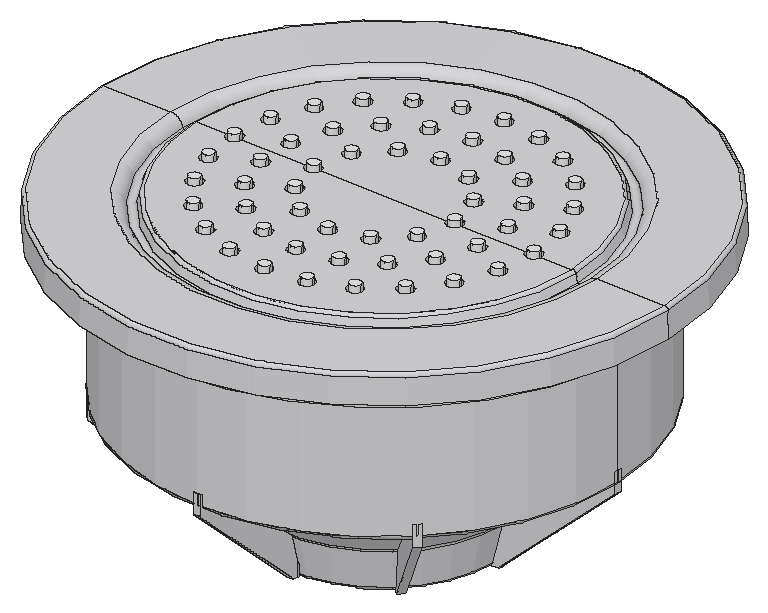
Revit family "Shower-Bodyspray-KOHLER-WATERTILE-K-8014T_1", category Plumbing Fixtures, host Face, Revit 2017
Family settings
  Host = Face
  Round Connector Dimension = Use Diameter
  Part Type = Normal
  OmniClass Number = 23.31.17.00
  OmniClass Title = Showers
  Cut with Voids When Loaded = No
  Shared = No
  Room Calculation Point = No
Parameters (values of type "CP-Polished Chrome")
  Width = 4 7/8"  # constant formula
  WaterSense Certified = 1 = 0  # no
  Waste Water Outlet = "Waste Water Outlet"  # constant formula
  Waste Connection = 1 = 0  # no
  Vent Connection = 1 = 0  # no
  URL = "http://www.kohler.com.cn/en/"
  Product Page URL = "http://www.kohler.com.cn/product/K-8014T-CP/K-8014T-CP/"
  Product Name = "WATERTILE"  # constant formula
  Product Documentation Link = "https://files.kohler.com.cn/pdfs/k_8013_8014.pdf"
  Pressure = 80.00 psi  # constant formula
  Panel Thickness = 1/4"  # constant formula
  Model = "K-8014T-CP"  # constant formula
  Material = "Solid Brass Construction"  # constant formula
  Master Format 2014 Name = "Residential Showers"  # constant formula
  Master Format 2014 = "22 42 23"  # constant formula
  Manufacturer Address = "158 Jiangchang 3rd Road Zhabei District Shanghai, 200436 China"  # constant formula
  Manufacturer = "KOHLER Co."  # constant formula
  Length = 4 7/8"  # constant formula
  Hot Water Inlet = "Tempered Water Inlet"  # constant formula
  Height = 2 1/2"  # constant formula
  HW Connection = 1 = 1  # yes
  Flow Rate = 2 GPM  # constant formula
  Finish = Kohler-Metal-CP-Polished_Chrome
  Environmental Product Declaration = ""
  Drain Included = 1 = 0  # no
  Description = "Round Water Cube 54 Hole Shower/Sprinkler"  # constant formula
  Default Elevation = 42"
  Declare Label = ""
  Date Modified = "07/02/2020"  # constant formula
  Date Created = "07/02/2020"  # constant formula
  Copyright = "Copyright KOHLER Co."  # constant formula
  Contact Us = "http://www.kohler.com.cn/en/contact/contact-us/"
  Cold Water Inlet = "Cold Water Inlet"  # constant formula
  CW Connection = 1 = 0  # no
  Assembly Code = "D2010700"
  ADA Compliant = 1 = 0  # no
Reference planes (in)
  plane 1 "Center (Front/Back)": y = 0
  plane 2: z = 0
  plane 3 "Center (Left/Right)": x = 0
  plane 4: x = -2.4375
  plane 5: x = 2.4375
  plane 6: y = 2.4375
  plane 7: y = -2.4375
  plane 8: z = 0.25
  plane 9: z = 0
  plane 10: x = -2
  plane 11: x = 2
  plane 12: y = 2
  plane 13: y = -2
  plane 14: z = -1.27598
  plane 15: z = -0.08698
  plane 16: z = 0.28783
  plane 17: x = 1.00342
  plane 18: x = -1.00342
  plane 19: z = -2.25
Forms (in)
  Extrusion 1, void
    sketch origin (0, 0, 0) x (1, 0, 0) y (0, 1, 0)
      loop
        circle (0, 0) r 2.30976
    from -2.25 to 0.91384
Dimensions and locks (in)
  "Width": plane 4 to plane 5
  "Length": plane 7 to plane 6
  locked: plane 12 to plane 13 at 4
  "Panel Thickness": plane 8 to plane 9
  plane 9 to level = 0"
  "Height": plane 8 to plane 19
  aligned and locked: plane 2 to host face
  aligned and locked: level to host face
Automatic sketch dimensions
  host sketch curve to host sketch curve = 96"  (x2)
  plane 1 "Center (Front/Back)" to Extrusion 1 sketch curve = 0"
  Extrusion 1 sketch curve to plane 3 "Center (Left/Right)" = 0"
  radius of Extrusion 1 sketch curve = 2.30976"
Nested families (in)
  nested 1: "K-8014T" at (0, 0, -2.25), type "K-8014T"
Connectors (in)
  piping at (0, 0, -2.25), diameter 0.5, driven by "Pressure", driven by "HW Connection", driven by "Hot Water Inlet", driven by "Flow Rate"
    settings: on nested 1, index 1, connector inside diameter 24", connector length 0", flow factor 0, pipe flow 2 GPM, pressure drop 80.00 psi, fitting loss kfactor 0, connector angle 0.00°, fixture units 0, engagement length 0", angle of deflection 0.00°, flow configuration 1, flow direction 1, fitting loss method 4, system type 19, joint type 0, gender type 0, connector reference index -1, connector utility 1, adjustable connector no, is connector primary yes, connector description "Tempered Water Inlet"
Definition of nested family "K-8014T"
  Parameters (values of type "K-8014T")
    Bodyspray Material = none
  Reference planes (in)
    plane 1 "Center (Front/Back)": y = 0
    plane 2: z = 0
    plane 3 "Center (Left/Right)": x = 0
    plane 4: z = 2.5
    plane 5: x = 2.4375
    plane 6: x = -2.4375
    plane 7: y = -2.4375
    plane 8: y = 2.4375
    plane 9: z = 2.25
    plane 10: x = -2
    plane 11: x = 2
    plane 12: y = 2
    plane 13: y = -2
  Forms (in)
    Revolve 1, solid, material <- "Bodyspray Material", detail levels medium+fine
      sketch origin (0, 0, 0) x (1, 0, 0) y (0, 0, 1)
        loop
          line (0, 2.49291) -> (0, 0.04586) -> (0.30181, 0.04586) -> (0.30181, 0) -> (0.92431, 0)
          arc (0.92431, 0) -> (0.93906, 0.00501) -> (0.94771, 0.01796) r 0.02423
          line (0.94771, 0.01796) -> (1.03348, 0.33803)
          arc (1.03348, 0.33803) -> (1.04139, 0.35531) -> (1.05455, 0.36902) r 0.05693
          arc (1.05455, 0.36902) -> (1.33961, 0.63496) -> (1.55821, 0.95776) r 1.7377
          arc (1.55821, 0.95776) -> (1.56937, 0.96962) -> (1.58506, 0.974) r 0.03031
          line (1.58506, 0.974) -> (1.97656, 0.974)
          arc (1.97656, 0.974) -> (1.99314, 0.98086) -> (2, 0.99744) r 0.02344
          line (2, 0.99744) -> (2, 2.16302) -> (2.30976, 2.16302) -> (2.30976, 2.25) -> (2.43901, 2.25) -> (2.43161, 2.46202)
          arc (2.43161, 2.46202) -> (2.42291, 2.48227) -> (2.40281, 2.49133) r 0.03041
          arc (2.40281, 2.49133) -> (2.11645, 2.5) -> (1.83, 2.49605) r 6.49968
          arc (1.83, 2.49605) -> (1.76556, 2.47062) -> (1.73144, 2.41032) r 0.10386
          arc (1.73144, 2.41032) -> (1.69843, 2.38042) -> (1.66127, 2.40498) r 0.03633
          line (1.66127, 2.40498) -> (1.6387, 2.47153)
          arc (1.6387, 2.47153) -> (1.62722, 2.48702) -> (1.60887, 2.49291) r 0.0315
          line (1.60887, 2.49291) -> (0, 2.49291)
        axis (0, 2.49605) -> (0, 0)
      angle from 0 to 360
    Extrusion 2, solid, material <- "Bodyspray Material", detail levels medium+fine
      sketch origin (0, 0, 0) x (1, 0, 0) y (0, 1, 0)
        loop
          arc (-0.03, 0.9537) -> (0, 0.9237) -> (0.03, 0.9537) r 0.03
          line (0.03, 0.9537) -> (0.03, 1.99977)
          arc (0.03, 1.99977) -> (0, 2) -> (-0.03, 1.99977) r 2
          line (-0.03, 1.99977) -> (-0.03, 0.9537)
        loop
          arc (0.66272, 0.70515) -> (0.66272, 0.66272) -> (0.70515, 0.66272) r 0.03
          line (0.70515, 0.66272) -> (1.43527, 1.39284)
          arc (1.43527, 1.39284) -> (1.41421, 1.41421) -> (1.39284, 1.43527) r 2
          line (1.39284, 1.43527) -> (0.66272, 0.70515)
        loop
          arc (0.94816, 0.03) -> (0.91816, 0) -> (0.94816, -0.03) r 0.03
          line (0.94816, -0.03) -> (1.99977, -0.03)
          arc (1.99977, -0.03) -> (2, 0) -> (1.99977, 0.03) r 2
          line (1.99977, 0.03) -> (0.94816, 0.03)
        loop
          line (0.65862, -0.70104) -> (1.39284, -1.43527)
          arc (1.39284, -1.43527) -> (1.41421, -1.41421) -> (1.43527, -1.39284) r 2
          line (1.43527, -1.39284) -> (0.70104, -0.65862)
          arc (0.70104, -0.65862) -> (0.65862, -0.65862) -> (0.65862, -0.70104) r 0.03
        loop
          line (-0.03, -0.96348) -> (-0.03, -1.99977)
          arc (-0.03, -1.99977) -> (0, -2) -> (0.03, -1.99977) r 2
          line (0.03, -1.99977) -> (0.03, -0.96348)
          arc (0.03, -0.96348) -> (0, -0.93348) -> (-0.03, -0.96348) r 0.03
        loop
          line (-0.70453, -0.6621) -> (-1.43527, -1.39284)
          arc (-1.43527, -1.39284) -> (-1.41421, -1.41421) -> (-1.39284, -1.43527) r 2
          line (-1.39284, -1.43527) -> (-0.6621, -0.70453)
          arc (-0.6621, -0.70453) -> (-0.6621, -0.6621) -> (-0.70453, -0.6621) r 0.03
        loop
          line (-0.974, 0.03) -> (-1.99977, 0.03)
          arc (-1.99977, 0.03) -> (-2, 0) -> (-1.99977, -0.03) r 2
          line (-1.99977, -0.03) -> (-0.974, -0.03)
          arc (-0.974, -0.03) -> (-0.944, 0) -> (-0.974, 0.03) r 0.03
        loop
          line (-0.66911, 0.71154) -> (-1.39284, 1.43527)
          arc (-1.39284, 1.43527) -> (-1.41421, 1.41421) -> (-1.43527, 1.39284) r 2
          line (-1.43527, 1.39284) -> (-0.71154, 0.66911)
          arc (-0.71154, 0.66911) -> (-0.66911, 0.66911) -> (-0.66911, 0.71154) r 0.03
      from 0 to 1.08814
    Revolve 3, void
      sketch origin (0, 0, 0) x (1, 0, 0) y (0, 0, 1)
        loop
          line (0, 0) -> (0, -0.3466) -> (2.13331, -0.3466) -> (2.13331, 1.25261) -> (2, 1.25261) -> (2, 0.91082) -> (1.004, 0) -> (0, 0)
        axis (0, 1.25261) -> (0, -0.3466)
      angle from 0 to 360
    Extrusion 4, void
      sketch origin (0, 0, 0) x (1, 0, 0) y (0, 1, 0)
        loop
          circle (-0.33222, 1.24115) r 0.06641
        loop
          circle (-0.64248, 1.11285) r 0.06641
        loop
          circle (-0.90992, 0.90938) r 0.06641
        loop
          circle (-0.32344, 0.888) r 0.06641
        loop
          circle (-0.6077, 0.72367) r 0.06641
        loop
          circle (-0.3022, 0.5249) r 0.06641
        loop
          circle (-0.52413, 0.30203) r 0.06641
        loop
          circle (-0.8181, 0.47282) r 0.06641
        loop
          circle (-1.11309, 0.64194) r 0.06641
        loop
          circle (-1.24048, 0.33191) r 0.06641
        loop
          circle (-0.93002, 0.1637) r 0.06641
        loop
          circle (0.00005, 1.28475) r 0.06641
        loop
          circle (0.00017, 0.9453) r 0.06641
        loop
          circle (-0.00069, 0.6046) r 0.06641
        loop
          circle (-1.28494, -0.00016) r 0.06745
        loop
          circle (-0.60475, -0.00007) r 0.06641
        loop
          circle (0.33222, 1.24115) r 0.06641
        loop
          circle (0.64248, 1.11285) r 0.06641
        loop
          circle (0.90992, 0.90938) r 0.06641
        loop
          circle (0.32344, 0.888) r 0.06641
        loop
          circle (0.6077, 0.72367) r 0.06641
        loop
          circle (0.3022, 0.5249) r 0.06641
        loop
          circle (0.52413, 0.30203) r 0.06641
        loop
          circle (0.8181, 0.47282) r 0.06641
        loop
          circle (1.11309, 0.64194) r 0.06641
        loop
          circle (1.24048, 0.33191) r 0.06641
        loop
          circle (0.93002, 0.1637) r 0.06641
        loop
          circle (-0.33222, -1.24115) r 0.06641
        loop
          circle (-0.64248, -1.11285) r 0.06641
        loop
          circle (-0.90992, -0.90938) r 0.06641
        loop
          circle (-0.32344, -0.888) r 0.06641
        loop
          circle (-0.6077, -0.72367) r 0.06641
        loop
          circle (-0.3022, -0.5249) r 0.06641
        loop
          circle (-0.52413, -0.30203) r 0.06641
        loop
          circle (-0.8181, -0.47282) r 0.06641
        loop
          circle (-1.11309, -0.64194) r 0.06641
        loop
          circle (-1.24048, -0.33191) r 0.06641
        loop
          circle (-0.93002, -0.1637) r 0.06641
        loop
          circle (0.00005, -1.28475) r 0.06641
        loop
          circle (0.00017, -0.9453) r 0.06641
        loop
          circle (-0.00069, -0.6046) r 0.06641
        loop
          circle (0.33222, -1.24115) r 0.06641
        loop
          circle (0.64248, -1.11285) r 0.06641
        loop
          circle (0.90992, -0.90938) r 0.06641
        loop
          circle (0.32344, -0.888) r 0.06641
        loop
          circle (0.6077, -0.72367) r 0.06641
        loop
          circle (0.3022, -0.5249) r 0.06641
        loop
          circle (0.52413, -0.30203) r 0.06641
        loop
          circle (0.8181, -0.47282) r 0.06641
        loop
          circle (1.11309, -0.64194) r 0.06641
        loop
          circle (1.24048, -0.33191) r 0.06641
        loop
          circle (0.93002, -0.1637) r 0.06641
        loop
          circle (1.28494, -0.00016) r 0.06745
        loop
          circle (0.60475, -0.00007) r 0.06641
      from 1.98721 to 2.74277
    Extrusion 5, solid, detail levels medium+fine
      sketch origin (0, 0, 0) x (1, 0, 0) y (0, 1, 0)
        loop
          circle (-0.33222, 1.24115) r 0.04688
        loop
          circle (-0.32344, 0.888) r 0.04688
        loop
          circle (-0.3022, 0.5249) r 0.04688
        loop
          circle (-0.52413, 0.30203) r 0.04688
        loop
          circle (-0.8181, 0.47282) r 0.04688
        loop
          circle (-1.11309, 0.64194) r 0.04688
        loop
          circle (-1.24048, 0.33191) r 0.04636
        loop
          circle (-0.93002, 0.1637) r 0.04688
        loop
          circle (-0.60475, -0.00007) r 0.04854
        loop
          circle (-1.28494, -0.00016) r 0.04688
        loop
          circle (-0.6077, 0.72367) r 0.04688
        loop
          circle (-0.90992, 0.90938) r 0.04688
        loop
          circle (-0.64248, 1.11285) r 0.04688
        loop
          circle (0.00005, 1.28475) r 0.04673
        loop
          circle (0.00017, 0.9453) r 0.04629
        loop
          circle (-0.00069, 0.6046) r 0.0452
        loop
          circle (0.33222, 1.24115) r 0.04688
        loop
          circle (0.32344, 0.888) r 0.04688
        loop
          circle (0.3022, 0.5249) r 0.04688
        loop
          circle (0.52413, 0.30203) r 0.04688
        loop
          circle (0.8181, 0.47282) r 0.04688
        loop
          circle (1.11309, 0.64194) r 0.04688
        loop
          circle (1.24048, 0.33191) r 0.04636
        loop
          circle (0.93002, 0.1637) r 0.04688
        loop
          circle (0.6077, 0.72367) r 0.04688
        loop
          circle (0.90992, 0.90938) r 0.04688
        loop
          circle (0.64248, 1.11285) r 0.04688
        loop
          circle (-0.33222, -1.24115) r 0.04688
        loop
          circle (-0.32344, -0.888) r 0.04688
        loop
          circle (-0.3022, -0.5249) r 0.04688
        loop
          circle (-0.52413, -0.30203) r 0.04688
        loop
          circle (-0.8181, -0.47282) r 0.04688
        loop
          circle (-1.11309, -0.64194) r 0.04688
        loop
          circle (-1.24048, -0.33191) r 0.04636
        loop
          circle (-0.93002, -0.1637) r 0.04688
        loop
          circle (-0.6077, -0.72367) r 0.04688
        loop
          circle (-0.90992, -0.90938) r 0.04688
        loop
          circle (-0.64248, -1.11285) r 0.04688
        loop
          circle (0.00005, -1.28475) r 0.04673
        loop
          circle (0.00017, -0.9453) r 0.04629
        loop
          circle (-0.00069, -0.6046) r 0.0452
        loop
          circle (0.33222, -1.24115) r 0.04688
        loop
          circle (0.32344, -0.888) r 0.04688
        loop
          circle (0.3022, -0.5249) r 0.04688
        loop
          circle (0.52413, -0.30203) r 0.04688
        loop
          circle (0.8181, -0.47282) r 0.04688
        loop
          circle (1.11309, -0.64194) r 0.04688
        loop
          circle (1.24048, -0.33191) r 0.04636
        loop
          circle (0.93002, -0.1637) r 0.04688
        loop
          circle (0.6077, -0.72367) r 0.04688
        loop
          circle (0.90992, -0.90938) r 0.04688
        loop
          circle (0.64248, -1.11285) r 0.04688
        loop
          circle (0.60475, -0.00007) r 0.04854
        loop
          circle (1.28494, -0.00016) r 0.04688
      from 1.62507 to 2.53783
    Revolve 6, solid, material <- "Bodyspray Material", detail levels coarse
      sketch origin (0, 0, 0) x (1, 0, 0) y (0, 0, 1)
        loop
          line (0, 2.5) -> (0, 0) -> (1.00355, 0) -> (2, 0.91103) -> (2, 2.25) -> (2.4375, 2.25) -> (2.4375, 2.5) -> (0, 2.5)
        axis (0, 2.5) -> (0, 0)
      angle from 0 to 360
  Cuts and joins
    Revolve 3 cuts Extrusion 2
    Extrusion 4 cuts Revolve 1
  Lines and regions (in)
    Masking region 1
      outline origin (0, 0, 0) x (0, 1, 0) y (0, 0, 1)
        loop
          line (2.4375, 2.25) -> (2.43006, 2.46304)
          arc (2.43006, 2.46304) -> (2.42154, 2.48254) -> (2.40198, 2.49094) r 0.02892
          arc (2.40198, 2.49094) -> (1.86677, 2.5008) -> (1.33148, 2.50002) r 26.93598
          line (1.33148, 2.50002) -> (1.33148, 2.53783) -> (1.19427, 2.53783) -> (1.19427, 2.5) -> (1.15973, 2.5) -> (1.15973, 2.53783) -> (1.06598, 2.53783) -> (1.06598, 2.5) -> (0.99159, 2.5) -> (0.99159, 2.53783) -> (0.84761, 2.53783) -> (0.77055, 2.53783) -> (0.77055, 2.5) -> (0.68882, 2.5) -> (0.68882, 2.53783) -> (0.35247, 2.53783) -> (0.25515, 2.53783) -> (0.25515, 2.5) -> (0.21058, 2.5) -> (0.21058, 2.53783) -> (0.11683, 2.53783) -> (0.11683, 2.5) -> (0.04866, 2.5) -> (0.04866, 2.53783) -> (-0.04891, 2.53783) -> (-0.04891, 2.5) -> (-0.11683, 2.5) -> (-0.11683, 2.53783) -> (-0.21058, 2.53783) -> (-0.21058, 2.5) -> (-0.25515, 2.5) -> (-0.25515, 2.53783) -> (-0.35247, 2.53783) -> (-0.68882, 2.53783) -> (-0.68882, 2.5) -> (-0.77055, 2.5) -> (-0.77055, 2.53783) -> (-0.84761, 2.53783) -> (-0.99159, 2.53783) -> (-0.99159, 2.5) -> (-1.06598, 2.5) -> (-1.06598, 2.53783) -> (-1.15973, 2.53783) -> (-1.15973, 2.5) -> (-1.19427, 2.5) -> (-1.19427, 2.53783) -> (-1.33148, 2.53783) -> (-1.33148, 2.5)
          arc (-1.33148, 2.5) -> (-1.86752, 2.5008) -> (-2.40198, 2.49094) r 26.93598
          arc (-2.40198, 2.49094) -> (-2.42154, 2.48254) -> (-2.43006, 2.46304) r 0.02892
          line (-2.43006, 2.46304) -> (-2.4375, 2.25) -> (-2.30976, 2.25) -> (-2.30976, 2.16302) -> (-2, 2.16302) -> (-2, 0.91103) -> (-1.00355, 0) -> (1.00355, 0) -> (2, 0.91103) -> (2, 2.16302) -> (2.30976, 2.16302) -> (2.30976, 2.25) -> (2.4375, 2.25)
    Masking region 2
      outline origin (0, 0, 0) x (1, 0, 0) y (0, 0, 1)
        loop
          line (-2.4375, 2.25) -> (-2.30976, 2.25) -> (-2.30976, 2.16302) -> (-2, 2.16302) -> (-2, 0.91103) -> (-1.00355, 0) -> (1.00355, 0) -> (2, 0.91103) -> (2, 2.16302) -> (2.30976, 2.16302) -> (2.30976, 2.25) -> (2.4375, 2.25) -> (2.43006, 2.46304)
          arc (2.43006, 2.46304) -> (2.42154, 2.48254) -> (2.40198, 2.49094) r 0.02892
          arc (2.40198, 2.49094) -> (1.86752, 2.5008) -> (1.33148, 2.5) r 26.93598
          line (1.33148, 2.5) -> (1.33148, 2.53783) -> (1.19427, 2.53783) -> (1.19427, 2.5) -> (1.15973, 2.5) -> (1.15973, 2.53783) -> (1.06598, 2.53783) -> (1.06598, 2.5) -> (0.99159, 2.5) -> (0.99159, 2.53783) -> (0.84761, 2.53783) -> (0.77055, 2.53783) -> (0.77055, 2.5) -> (0.68881, 2.5) -> (0.68881, 2.53783) -> (0.35247, 2.53783) -> (0.25515, 2.53783) -> (0.25515, 2.5) -> (0.21058, 2.5) -> (0.21058, 2.53783) -> (0.11683, 2.53783) -> (0.11683, 2.5) -> (0.04891, 2.5) -> (0.04891, 2.53783) -> (-0.04866, 2.53783) -> (-0.04866, 2.5) -> (-0.11683, 2.5) -> (-0.11683, 2.53783) -> (-0.21058, 2.53783) -> (-0.21058, 2.5) -> (-0.25515, 2.5) -> (-0.25515, 2.53783) -> (-0.35247, 2.53783) -> (-0.68882, 2.53783) -> (-0.68882, 2.5) -> (-0.77055, 2.5) -> (-0.77055, 2.53783) -> (-0.84761, 2.53783) -> (-0.99159, 2.53783) -> (-0.99159, 2.5) -> (-1.06598, 2.5) -> (-1.06598, 2.53783) -> (-1.15973, 2.53783) -> (-1.15973, 2.5) -> (-1.19427, 2.5) -> (-1.19427, 2.53783) -> (-1.33148, 2.53783) -> (-1.33148, 2.50002)
          arc (-1.33148, 2.50002) -> (-1.86677, 2.5008) -> (-2.40198, 2.49094) r 26.93598
          arc (-2.40198, 2.49094) -> (-2.42154, 2.48254) -> (-2.43006, 2.46304) r 0.02892
          line (-2.43006, 2.46304) -> (-2.4375, 2.25)
    Masking region 3
      outline origin (0, 0, 0) x (1, 0, 0) y (0, 1, 0)
        loop
          arc (-2.4375, 0) -> (-1.72357, -1.72357) -> (0, -2.4375) r 2.4375
          arc (0, -2.4375) -> (1.72357, -1.72357) -> (2.4375, 0) r 2.4375
          arc (2.4375, 0) -> (1.72357, 1.72357) -> (0, 2.4375) r 2.4375
          arc (0, 2.4375) -> (-1.72357, 1.72357) -> (-2.4375, 0) r 2.4375
    symbolic lines, detail levels medium+fine
      curve 1: line (0, -0.04891, 2.5) -> (0, 0.04866, 2.5)
      curve 2: line (0, 0.11683, 2.5) -> (0, 0.21058, 2.5)
      curve 3: line (0, 0.25515, 2.5) -> (0, 0.68882, 2.5)
      curve 4: line (0, 0.77055, 2.5) -> (0, 0.99159, 2.5)
      curve 5: line (0, 1.06598, 2.5) -> (0, 1.15973, 2.5)
      curve 6: line (0, 1.19427, 2.5) -> (0, 1.33148, 2.5)
      curve 7: line (0, 1.28802, 2.53783) -> (0, 1.28802, 2.5)
      curve 8: line (0, 1.97656, 0.97406) -> (0, 1.43831, 0.97406)
      curve 9: line (0, 1.39588, 0.91475) -> (0, 0.68841, 0)
      curve 10: line (0, 0.73083, 0) -> (0, 1.43831, 0.91475)
      curve 11: line (0, 1.39588, 0.97406) -> (0, 1.39588, 0.91475)
      curve 12: line (0, 1.43831, 0.91475) -> (0, 1.43831, 0.97406)
      curve 13: line (0, -0.03, 0.97406) -> (0, -0.03, 0)
      curve 14: line (0, 0.03, 0.97406) -> (0, 0.03, 0)
      curve 15: line (0, 0.03, 0.91475) -> (0, -0.03, 0.91475)
      curve 16: arc (0, 1.55754, 0.9566) -> (0, 1.33968, 0.63475) -> (0, 1.05564, 0.36949) r 1.73447
      curve 17: line (0, 1.03298, 0.33614) -> (0, 0.94755, 0.01731)
      curve 18: arc (0, 0.94755, 0.01731) -> (0, 0.93861, 0.00437) -> (0, 0.9235, 0) r 0.02342
      curve 19: arc (0, 1.05564, 0.36949) -> (0, 1.04149, 0.35473) -> (0, 1.03298, 0.33614) r 0.06132
      curve 20: arc (0, 1.55754, 0.9566) -> (0, 1.56902, 0.96904) -> (0, 1.5852, 0.97406) r 0.03265
      curve 21: arc (0, 1.2157, 0.9536) -> (0, 0.99784, 0.63176) -> (0, 0.7138, 0.3665) r 1.73447
      curve 22: line (0, 0.69113, 0.33315) -> (0, 0.64109, 0.01719)
      curve 23: arc (0, 0.7138, 0.3665) -> (0, 0.69965, 0.35174) -> (0, 0.69113, 0.33315) r 0.06132
      curve 24: arc (0, 0.64109, 0.01719) -> (0, 0.63688, 0.00707) -> (0, 0.62851, 0) r 0.0233
      curve 25: arc (0, 1.24019, 0.97406) -> (0, 1.22591, 0.96627) -> (0, 1.2157, 0.9536) r 0.04175
      curve 26: line (0, -1.39588, 0.91475) -> (0, -0.68841, 0)
      curve 27: line (0, -0.73083, 0) -> (0, -1.43831, 0.91475)
      curve 28: line (0, -1.39588, 0.97406) -> (0, -1.39588, 0.91475)
      curve 29: line (0, -1.43831, 0.91475) -> (0, -1.43831, 0.97406)
      curve 30: arc (0, -1.55754, 0.9566) -> (0, -1.33968, 0.63475) -> (0, -1.05564, 0.36949) r 1.73447
      curve 31: line (0, -1.03298, 0.33614) -> (0, -0.94755, 0.01731)
      curve 32: arc (0, -0.94755, 0.01731) -> (0, -0.93861, 0.00437) -> (0, -0.9235, 0) r 0.02342
      curve 33: arc (0, -1.05564, 0.36949) -> (0, -1.04149, 0.35473) -> (0, -1.03298, 0.33614) r 0.06132
      curve 34: arc (0, -1.55754, 0.9566) -> (0, -1.56902, 0.96904) -> (0, -1.5852, 0.97406) r 0.03265
      curve 35: arc (0, -1.2157, 0.9536) -> (0, -0.99784, 0.63176) -> (0, -0.7138, 0.3665) r 1.73447
      curve 36: line (0, -0.69113, 0.33315) -> (0, -0.64109, 0.01719)
      curve 37: arc (0, -0.7138, 0.3665) -> (0, -0.69965, 0.35174) -> (0, -0.69113, 0.33315) r 0.06132
      curve 38: arc (0, -0.64109, 0.01719) -> (0, -0.63688, 0.00707) -> (0, -0.62851, 0) r 0.0233
      curve 39: arc (0, -1.24019, 0.97406) -> (0, -1.22591, 0.96627) -> (0, -1.2157, 0.9536) r 0.04175
      curve 40: line (0, 1.04339, 0.35737) -> (0, 1.00723, 0.35737)
      curve 41: line (0, 0.70397, 0.35737) -> (0, 0.03, 0.35737)
      curve 42: line (0, -1.00723, 0.35737) -> (0, -1.04339, 0.35737)
      curve 43: line (0, -0.03, 0.35737) -> (0, -0.70397, 0.35737)
      curve 44: line (0, 0.93488, 2.53783) -> (0, 0.93488, 2.5)
      curve 45: line (0, 0.84113, 2.53783) -> (0, 0.84113, 2.5)
      curve 46: line (0, 0.84113, 2.53783) -> (0, 0.84113, 2.5)
      curve 47: line (0, 0.64194, 2.53783) -> (0, 0.64194, 2.5)
      curve 48: line (0, 0.57177, 2.53783) -> (0, 0.57177, 2.5)
      curve 49: line (0, 0.28556, 2.53783) -> (0, 0.28556, 2.5)
      curve 50: line (0, 0.3489, 2.53783) -> (0, 0.3489, 2.5)
      curve 51: line (0, 0.42594, 2.53783) -> (0, 0.42594, 2.5)
      curve 52: line (0, 0.51969, 2.53783) -> (0, 0.51969, 2.5)
      curve 53: line (0, -0.11683, 2.5) -> (0, -0.21058, 2.5)
      curve 54: line (0, -0.25515, 2.5) -> (0, -0.68882, 2.5)
      curve 55: line (0, -0.77055, 2.5) -> (0, -0.99159, 2.5)
      curve 56: line (0, -1.06598, 2.5) -> (0, -1.15973, 2.5)
      curve 57: line (0, -1.19427, 2.5) -> (0, -1.33148, 2.5)
      curve 58: line (0, -1.28802, 2.53783) -> (0, -1.28802, 2.5)
      curve 59: line (0, -0.93488, 2.53783) -> (0, -0.93488, 2.5)
      curve 60: line (0, -0.84113, 2.53783) -> (0, -0.84113, 2.5)
      curve 61: line (0, -0.64194, 2.53783) -> (0, -0.64194, 2.5)
      curve 62: line (0, -0.57177, 2.53783) -> (0, -0.57177, 2.5)
      curve 63: line (0, -0.28556, 2.53783) -> (0, -0.28556, 2.5)
      curve 64: line (0, -0.3489, 2.53783) -> (0, -0.3489, 2.5)
      curve 65: line (0, -0.42594, 2.53783) -> (0, -0.42594, 2.5)
      curve 66: line (0, -0.51969, 2.53783) -> (0, -0.51969, 2.5)
      curve 67: line (-2.30976, 0, 2.25) -> (2.30976, 0, 2.25)
      curve 68: line (-2, 0, 2.16302) -> (2, 0, 2.16302)
      curve 69: line (-0.63513, 0, 0.35339) -> (-0.03, 0, 0.35339)
      curve 70: arc (1.56121, 0, 0.95583) -> (1.34365, 0, 0.63428) -> (1.05987, 0, 0.36933) r 1.73054
      curve 71: line (1.03632, 0, 0.33467) -> (0.95172, 0, 0.01894)
      curve 72: arc (0.95172, 0, 0.01894) -> (0.94404, 0, 0.00638) -> (0.93079, 0, 0) r 0.02602
      curve 73: arc (1.58655, 0, 0.97402) -> (1.57173, 0, 0.96793) -> (1.56121, 0, 0.95583) r 0.03473
      curve 74: arc (1.05987, 0, 0.36933) -> (1.04516, 0, 0.35399) -> (1.03632, 0, 0.33467) r 0.0637
      curve 75: line (1.97656, 0, 0.97402) -> (1.43831, 0, 0.97402)
      curve 76: line (1.43831, 0, 0.91475) -> (0.73083, 0, 0)
      curve 77: line (0.68841, 0, 0) -> (1.39588, 0, 0.91475)
      curve 78: line (1.39588, 0, 0.91475) -> (1.39588, 0, 0.97402)
      curve 79: line (1.43831, 0, 0.97402) -> (1.43831, 0, 0.91475)
      curve 80: arc (1.15222, 0, 0.95681) -> (0.93465, 0, 0.63526) -> (0.65087, 0, 0.3703) r 1.73054
      curve 81: line (0.62732, 0, 0.33565) -> (0.58967, 0, 0.029)
      curve 82: arc (1.17321, 0, 0.97402) -> (1.16096, 0, 0.96755) -> (1.15222, 0, 0.95681) r 0.03473
      curve 83: arc (0.65087, 0, 0.3703) -> (0.63617, 0, 0.35497) -> (0.62732, 0, 0.33565) r 0.0637
      curve 84: line (1.00415, 0, 0.35339) -> (1.04476, 0, 0.35339)
      curve 85: arc (0.58967, 0, 0.029) -> (0.58299, 0, 0.01186) -> (0.56893, 0, 0) r 0.03728
      curve 86: arc (-1.56121, 0, 0.95583) -> (-1.34365, 0, 0.63428) -> (-1.05987, 0, 0.36933) r 1.73054
      curve 87: line (-1.03632, 0, 0.33467) -> (-0.95172, 0, 0.01894)
      curve 88: arc (-0.95172, 0, 0.01894) -> (-0.94404, 0, 0.00638) -> (-0.93079, 0, 0) r 0.02602
      curve 89: arc (-1.58655, 0, 0.97402) -> (-1.57173, 0, 0.96793) -> (-1.56121, 0, 0.95583) r 0.03473
      curve 90: arc (-1.05987, 0, 0.36933) -> (-1.04516, 0, 0.35399) -> (-1.03632, 0, 0.33467) r 0.0637
      curve 91: line (-1.43831, 0, 0.91475) -> (-0.73083, 0, 0)
      curve 92: line (-0.68841, 0, 0) -> (-1.39588, 0, 0.91475)
      curve 93: line (-1.39588, 0, 0.91475) -> (-1.39588, 0, 0.97402)
      curve 94: line (-1.43831, 0, 0.97402) -> (-1.43831, 0, 0.91475)
      curve 95: arc (-1.15222, 0, 0.95681) -> (-0.93465, 0, 0.63526) -> (-0.65087, 0, 0.3703) r 1.73054
      curve 96: line (-0.62732, 0, 0.33565) -> (-0.58967, 0, 0.029)
      curve 97: arc (-1.17321, 0, 0.97402) -> (-1.16096, 0, 0.96755) -> (-1.15222, 0, 0.95681) r 0.03473
      curve 98: arc (-0.65087, 0, 0.3703) -> (-0.63617, 0, 0.35497) -> (-0.62732, 0, 0.33565) r 0.0637
      curve 99: line (-1.00415, 0, 0.35339) -> (-1.04476, 0, 0.35339)
      curve 100: arc (-0.58967, 0, 0.029) -> (-0.58299, 0, 0.01186) -> (-0.56893, 0, 0) r 0.03728
      curve 101: line (-0.03, 0, 0.97402) -> (-0.03, 0, 0)
      curve 102: line (0.03, 0, 0) -> (0.03, 0, 0.97402)
      curve 103: line (-0.03, 0, 0.91475) -> (0.03, 0, 0.91475)
      curve 104: line (0.03, 0, 0.35339) -> (0.63513, 0, 0.35339)
      curve 105: line (-1.43831, 0, 0.97402) -> (-1.97656, 0, 0.97402)
      curve 106: line (-0.03, 0, 0.97402) -> (-1.39588, 0, 0.97402)
      curve 107: line (1.39588, 0, 0.97402) -> (0.03, 0, 0.97402)
      curve 108: line (0, 1.39588, 0.97406) -> (0, 0.03, 0.97406)
      curve 109: line (0, -0.03, 0.97406) -> (0, -1.39588, 0.97406)
      curve 110: line (0, -1.43831, 0.97406) -> (0, -1.97875, 0.97406)
      curve 111: line (-1.33148, 0, 2.5) -> (-1.19427, 0, 2.5)
      curve 112: line (-1.15973, 0, 2.5) -> (-1.06598, 0, 2.5)
      curve 113: line (-0.99159, 0, 2.5) -> (-0.77055, 0, 2.5)
      curve 114: line (-0.68882, 0, 2.5) -> (-0.25515, 0, 2.5)
      curve 115: line (-0.21058, 0, 2.5) -> (-0.11683, 0, 2.5)
      curve 116: line (-0.04866, 0, 2.5) -> (0.04891, 0, 2.5)
      curve 117: line (-1.28684, 0, 2.53783) -> (-1.28684, 0, 2.5)
      curve 118: line (-0.95679, 0, 2.53783) -> (-0.95679, 0, 2.5)
      curve 119: line (-0.86304, 0, 2.53783) -> (-0.86304, 0, 2.5)
      curve 120: line (-0.65329, 0, 2.53783) -> (-0.65329, 0, 2.5)
      curve 121: line (-0.571, 0, 2.53783) -> (-0.571, 0, 2.5)
      curve 122: line (-0.55621, 0, 2.53783) -> (-0.55621, 0, 2.5)
      curve 123: line (-0.47725, 0, 2.53783) -> (-0.47725, 0, 2.5)
      curve 124: line (-0.3791, 0, 2.53783) -> (-0.3791, 0, 2.5)
      curve 125: line (-0.28535, 0, 2.53783) -> (-0.28535, 0, 2.5)
      curve 126: line (1.33148, 0, 2.5) -> (1.19427, 0, 2.5)
      curve 127: line (1.15973, 0, 2.5) -> (1.06598, 0, 2.5)
      curve 128: line (0.99159, 0, 2.5) -> (0.77055, 0, 2.5)
      curve 129: line (0.68882, 0, 2.5) -> (0.25515, 0, 2.5)
      curve 130: line (0.21058, 0, 2.5) -> (0.11683, 0, 2.5)
      curve 131: line (1.28684, 0, 2.53783) -> (1.28684, 0, 2.5)
      curve 132: line (0.95679, 0, 2.53783) -> (0.95679, 0, 2.5)
      curve 133: line (0.86304, 0, 2.53783) -> (0.86304, 0, 2.5)
      curve 134: line (0.65329, 0, 2.53783) -> (0.65329, 0, 2.5)
      curve 135: line (0.571, 0, 2.53783) -> (0.571, 0, 2.5)
      curve 136: line (0.55621, 0, 2.53783) -> (0.55621, 0, 2.5)
      curve 137: line (0.47725, 0, 2.53783) -> (0.47725, 0, 2.5)
      curve 138: line (0.3791, 0, 2.53783) -> (0.3791, 0, 2.5)
      curve 139: line (0.28535, 0, 2.53783) -> (0.28535, 0, 2.5)
      curve 140: circle (0, 0, 0) r 2 normal (0, 0, 1)
      curve 141: circle (0, 0, 0) r 1.94638 normal (0, 0, 1)
      curve 142: circle (0, 0, 0) r 1.84674 normal (0, 0, 1)
      curve 143: arc (-0.26582, 1.24115, 0) -> (-0.33222, 1.30755, 0) -> (-0.39863, 1.24115, 0) r 0.06641
      curve 144: arc (-0.28535, 1.24115, 0) -> (-0.33222, 1.28802, 0) -> (-0.3791, 1.24115, 0) r 0.04688
      curve 145: arc (-0.3791, 1.24115, 0) -> (-0.33222, 1.19427, 0) -> (-0.28535, 1.24115, 0) r 0.04688
      curve 146: arc (-0.39863, 1.24115, 0) -> (-0.33222, 1.17474, 0) -> (-0.26582, 1.24115, 0) r 0.06641
      curve 147: arc (-0.25703, 0.888, 0) -> (-0.32344, 0.95441, 0) -> (-0.38984, 0.888, 0) r 0.06641
      curve 148: arc (-0.27656, 0.888, 0) -> (-0.32344, 0.93488, 0) -> (-0.37031, 0.888, 0) r 0.04688
      curve 149: arc (-0.37031, 0.888, 0) -> (-0.32344, 0.84113, 0) -> (-0.27656, 0.888, 0) r 0.04688
      curve 150: arc (-0.38984, 0.888, 0) -> (-0.32344, 0.8216, 0) -> (-0.25703, 0.888, 0) r 0.06641
      curve 151: arc (-0.25533, 0.5249, 0) -> (-0.3022, 0.57177, 0) -> (-0.34908, 0.5249, 0) r 0.04688
      curve 152: arc (-0.34908, 0.5249, 0) -> (-0.3022, 0.47802, 0) -> (-0.25533, 0.5249, 0) r 0.04688
      curve 153: arc (-0.2358, 0.5249, 0) -> (-0.3022, 0.59131, 0) -> (-0.36861, 0.5249, 0) r 0.06641
      curve 154: arc (-0.36861, 0.5249, 0) -> (-0.3022, 0.45849, 0) -> (-0.2358, 0.5249, 0) r 0.06641
      curve 155: arc (-0.47725, 0.30203, 0) -> (-0.52413, 0.3489, 0) -> (-0.571, 0.30203, 0) r 0.04688
      curve 156: arc (-0.571, 0.30203, 0) -> (-0.52413, 0.25515, 0) -> (-0.47725, 0.30203, 0) r 0.04688
      curve 157: arc (-0.59053, 0.30203, 0) -> (-0.52413, 0.23562, 0) -> (-0.45772, 0.30203, 0) r 0.06641
      curve 158: arc (-0.45772, 0.30203, 0) -> (-0.52413, 0.36843, 0) -> (-0.59053, 0.30203, 0) r 0.06641
      curve 159: arc (-0.86498, 0.47282, 0) -> (-0.8181, 0.42594, 0) -> (-0.77123, 0.47282, 0) r 0.04688
      curve 160: arc (-0.77123, 0.47282, 0) -> (-0.8181, 0.51969, 0) -> (-0.86498, 0.47282, 0) r 0.04688
      curve 161: arc (-0.75169, 0.47282, 0) -> (-0.8181, 0.53922, 0) -> (-0.88451, 0.47282, 0) r 0.06641
      curve 162: arc (-0.88451, 0.47282, 0) -> (-0.8181, 0.40641, 0) -> (-0.75169, 0.47282, 0) r 0.06641
      curve 163: arc (-1.15997, 0.64194, 0) -> (-1.11309, 0.59507, 0) -> (-1.06622, 0.64194, 0) r 0.04688
      curve 164: arc (-1.1795, 0.64194, 0) -> (-1.11309, 0.57553, 0) -> (-1.04668, 0.64194, 0) r 0.06641
      curve 165: arc (-1.04668, 0.64194, 0) -> (-1.11309, 0.70835, 0) -> (-1.1795, 0.64194, 0) r 0.06641
      curve 166: arc (-1.06622, 0.64194, 0) -> (-1.11309, 0.68882, 0) -> (-1.15997, 0.64194, 0) r 0.04688
      curve 167: arc (-0.97632, 0.90938, 0) -> (-0.90992, 0.84298, 0) -> (-0.84351, 0.90938, 0) r 0.06641
      curve 168: arc (-0.95679, 0.90938, 0) -> (-0.90992, 0.86251, 0) -> (-0.86304, 0.90938, 0) r 0.04688
      curve 169: arc (-0.86304, 0.90938, 0) -> (-0.90992, 0.95626, 0) -> (-0.95679, 0.90938, 0) r 0.04688
      curve 170: arc (-0.84351, 0.90938, 0) -> (-0.90992, 0.97579, 0) -> (-0.97632, 0.90938, 0) r 0.06641
      curve 171: arc (-0.5413, 0.72367, 0) -> (-0.6077, 0.79008, 0) -> (-0.67411, 0.72367, 0) r 0.06641
      curve 172: arc (-0.56083, 0.72367, 0) -> (-0.6077, 0.77055, 0) -> (-0.65458, 0.72367, 0) r 0.04688
      curve 173: arc (-0.65458, 0.72367, 0) -> (-0.6077, 0.6768, 0) -> (-0.56083, 0.72367, 0) r 0.04688
      curve 174: arc (-0.67411, 0.72367, 0) -> (-0.6077, 0.65727, 0) -> (-0.5413, 0.72367, 0) r 0.06641
      curve 175: arc (-0.70888, 1.11285, 0) -> (-0.64248, 1.04645, 0) -> (-0.57607, 1.11285, 0) r 0.06641
      curve 176: arc (-0.68935, 1.11285, 0) -> (-0.64248, 1.06598, 0) -> (-0.5956, 1.11285, 0) r 0.04688
      curve 177: arc (-0.5956, 1.11285, 0) -> (-0.64248, 1.15973, 0) -> (-0.68935, 1.11285, 0) r 0.04688
      curve 178: arc (-0.57607, 1.11285, 0) -> (-0.64248, 1.17926, 0) -> (-0.70888, 1.11285, 0) r 0.06641
      curve 179: arc (0.04451, 0.6046, 0) -> (-0.00069, 0.64981, 0) -> (-0.0459, 0.6046, 0) r 0.0452
      curve 180: arc (-0.0459, 0.6046, 0) -> (-0.00069, 0.5594, 0) -> (0.04451, 0.6046, 0) r 0.0452
      curve 181: arc (-0.0671, 0.6046, 0) -> (-0.00069, 0.5382, 0) -> (0.06572, 0.6046, 0) r 0.06641
      curve 182: arc (0.06572, 0.6046, 0) -> (-0.00069, 0.67101, 0) -> (-0.0671, 0.6046, 0) r 0.06641
      curve 183: arc (-0.06623, 0.9453, 0) -> (0.00017, 0.87889, 0) -> (0.06658, 0.9453, 0) r 0.06641
      curve 184: arc (-0.04612, 0.9453, 0) -> (0.00017, 0.89901, 0) -> (0.04647, 0.9453, 0) r 0.04629
      curve 185: arc (0.04647, 0.9453, 0) -> (0.00017, 0.99159, 0) -> (-0.04612, 0.9453, 0) r 0.04629
      curve 186: arc (0.06658, 0.9453, 0) -> (0.00017, 1.0117, 0) -> (-0.06623, 0.9453, 0) r 0.06641
      curve 187: arc (-0.06636, 1.28475, 0) -> (0.00005, 1.21834, 0) -> (0.06645, 1.28475, 0) r 0.06641
      curve 188: arc (-0.04668, 1.28475, 0) -> (0.00005, 1.23802, 0) -> (0.04678, 1.28475, 0) r 0.04673
      curve 189: arc (0.04678, 1.28475, 0) -> (0.00005, 1.33148, 0) -> (-0.04668, 1.28475, 0) r 0.04673
      curve 190: arc (0.06645, 1.28475, 0) -> (0.00005, 1.35116, 0) -> (-0.06636, 1.28475, 0) r 0.06641
      curve 191: arc (-1.17408, 0.33191, 0) -> (-1.24048, 0.39832, 0) -> (-1.30689, 0.33191, 0) r 0.06641
      curve 192: arc (-1.19413, 0.33191, 0) -> (-1.24048, 0.37827, 0) -> (-1.28684, 0.33191, 0) r 0.04636
      curve 193: arc (-1.28684, 0.33191, 0) -> (-1.24048, 0.28556, 0) -> (-1.19413, 0.33191, 0) r 0.04636
      curve 194: arc (-1.30689, 0.33191, 0) -> (-1.24048, 0.2655, 0) -> (-1.17408, 0.33191, 0) r 0.06641
      curve 195: arc (-0.86362, 0.1637, 0) -> (-0.93002, 0.23011, 0) -> (-0.99643, 0.1637, 0) r 0.06641
      curve 196: arc (-0.88315, 0.1637, 0) -> (-0.93002, 0.21058, 0) -> (-0.9769, 0.1637, 0) r 0.04688
      curve 197: arc (-0.9769, 0.1637, 0) -> (-0.93002, 0.11683, 0) -> (-0.88315, 0.1637, 0) r 0.04688
      curve 198: arc (-0.99643, 0.1637, 0) -> (-0.93002, 0.0973, 0) -> (-0.86362, 0.1637, 0) r 0.06641
      curve 199: arc (-0.53834, -0.00007, 0) -> (-0.60475, 0.06634, 0) -> (-0.67116, -0.00007, 0) r 0.06641
      curve 200: arc (-0.55621, -0.00007, 0) -> (-0.60475, 0.04847, 0) -> (-0.65329, -0.00007, 0) r 0.04854
      curve 201: arc (-0.65329, -0.00007, 0) -> (-0.60475, -0.04861, 0) -> (-0.55621, -0.00007, 0) r 0.04854
      curve 202: arc (-0.67116, -0.00007, 0) -> (-0.60475, -0.06648, 0) -> (-0.53834, -0.00007, 0) r 0.06641
      curve 203: arc (-1.33181, -0.00016, 0) -> (-1.28494, -0.04704, 0) -> (-1.23806, -0.00016, 0) r 0.04688
      curve 204: arc (-1.23806, -0.00016, 0) -> (-1.28494, 0.04671, 0) -> (-1.33181, -0.00016, 0) r 0.04688
      curve 205: circle (-1.28494, -0.00016, 0) r 0.06745 normal (0, 0, 1)
      curve 206: arc (0.26582, 1.24115, 0) -> (0.33222, 1.30755, 0) -> (0.39863, 1.24115, 0) r 0.06641
      curve 207: arc (0.28535, 1.24115, 0) -> (0.33222, 1.28802, 0) -> (0.3791, 1.24115, 0) r 0.04688
      curve 208: arc (0.3791, 1.24115, 0) -> (0.33222, 1.19427, 0) -> (0.28535, 1.24115, 0) r 0.04688
      curve 209: arc (0.39863, 1.24115, 0) -> (0.33222, 1.17474, 0) -> (0.26582, 1.24115, 0) r 0.06641
      curve 210: arc (0.25703, 0.888, 0) -> (0.32344, 0.95441, 0) -> (0.38984, 0.888, 0) r 0.06641
      curve 211: arc (0.27656, 0.888, 0) -> (0.32344, 0.93488, 0) -> (0.37031, 0.888, 0) r 0.04688
      curve 212: arc (0.37031, 0.888, 0) -> (0.32344, 0.84113, 0) -> (0.27656, 0.888, 0) r 0.04688
      curve 213: arc (0.38984, 0.888, 0) -> (0.32344, 0.8216, 0) -> (0.25703, 0.888, 0) r 0.06641
      curve 214: arc (0.25533, 0.5249, 0) -> (0.3022, 0.57177, 0) -> (0.34908, 0.5249, 0) r 0.04688
      curve 215: arc (0.34908, 0.5249, 0) -> (0.3022, 0.47802, 0) -> (0.25533, 0.5249, 0) r 0.04688
      curve 216: arc (0.2358, 0.5249, 0) -> (0.3022, 0.59131, 0) -> (0.36861, 0.5249, 0) r 0.06641
      curve 217: arc (0.36861, 0.5249, 0) -> (0.3022, 0.45849, 0) -> (0.2358, 0.5249, 0) r 0.06641
      curve 218: arc (0.47725, 0.30203, 0) -> (0.52413, 0.3489, 0) -> (0.571, 0.30203, 0) r 0.04688
      curve 219: arc (0.571, 0.30203, 0) -> (0.52413, 0.25515, 0) -> (0.47725, 0.30203, 0) r 0.04688
      curve 220: arc (0.59053, 0.30203, 0) -> (0.52413, 0.23562, 0) -> (0.45772, 0.30203, 0) r 0.06641
      curve 221: arc (0.45772, 0.30203, 0) -> (0.52413, 0.36843, 0) -> (0.59053, 0.30203, 0) r 0.06641
      curve 222: arc (0.86498, 0.47282, 0) -> (0.8181, 0.42594, 0) -> (0.77123, 0.47282, 0) r 0.04688
      curve 223: arc (0.77123, 0.47282, 0) -> (0.8181, 0.51969, 0) -> (0.86498, 0.47282, 0) r 0.04688
      curve 224: arc (0.75169, 0.47282, 0) -> (0.8181, 0.53922, 0) -> (0.88451, 0.47282, 0) r 0.06641
      curve 225: arc (0.88451, 0.47282, 0) -> (0.8181, 0.40641, 0) -> (0.75169, 0.47282, 0) r 0.06641
      curve 226: arc (1.15997, 0.64194, 0) -> (1.11309, 0.59507, 0) -> (1.06622, 0.64194, 0) r 0.04688
      curve 227: arc (1.1795, 0.64194, 0) -> (1.11309, 0.57553, 0) -> (1.04668, 0.64194, 0) r 0.06641
      curve 228: arc (1.04668, 0.64194, 0) -> (1.11309, 0.70835, 0) -> (1.1795, 0.64194, 0) r 0.06641
      curve 229: arc (1.06622, 0.64194, 0) -> (1.11309, 0.68882, 0) -> (1.15997, 0.64194, 0) r 0.04688
      curve 230: arc (0.97632, 0.90938, 0) -> (0.90992, 0.84298, 0) -> (0.84351, 0.90938, 0) r 0.06641
      curve 231: arc (0.95679, 0.90938, 0) -> (0.90992, 0.86251, 0) -> (0.86304, 0.90938, 0) r 0.04688
      curve 232: arc (0.86304, 0.90938, 0) -> (0.90992, 0.95626, 0) -> (0.95679, 0.90938, 0) r 0.04688
      curve 233: arc (0.84351, 0.90938, 0) -> (0.90992, 0.97579, 0) -> (0.97632, 0.90938, 0) r 0.06641
      curve 234: arc (0.5413, 0.72367, 0) -> (0.6077, 0.79008, 0) -> (0.67411, 0.72367, 0) r 0.06641
      curve 235: arc (0.56083, 0.72367, 0) -> (0.6077, 0.77055, 0) -> (0.65458, 0.72367, 0) r 0.04688
      curve 236: arc (0.65458, 0.72367, 0) -> (0.6077, 0.6768, 0) -> (0.56083, 0.72367, 0) r 0.04688
      curve 237: arc (0.67411, 0.72367, 0) -> (0.6077, 0.65727, 0) -> (0.5413, 0.72367, 0) r 0.06641
      curve 238: arc (0.70888, 1.11285, 0) -> (0.64248, 1.04645, 0) -> (0.57607, 1.11285, 0) r 0.06641
      curve 239: arc (0.68935, 1.11285, 0) -> (0.64248, 1.06598, 0) -> (0.5956, 1.11285, 0) r 0.04688
      curve 240: arc (0.5956, 1.11285, 0) -> (0.64248, 1.15973, 0) -> (0.68935, 1.11285, 0) r 0.04688
      curve 241: arc (0.57607, 1.11285, 0) -> (0.64248, 1.17926, 0) -> (0.70888, 1.11285, 0) r 0.06641
      curve 242: arc (1.17408, 0.33191, 0) -> (1.24048, 0.39832, 0) -> (1.30689, 0.33191, 0) r 0.06641
      curve 243: arc (1.19413, 0.33191, 0) -> (1.24048, 0.37827, 0) -> (1.28684, 0.33191, 0) r 0.04636
      curve 244: arc (1.28684, 0.33191, 0) -> (1.24048, 0.28556, 0) -> (1.19413, 0.33191, 0) r 0.04636
      curve 245: arc (1.30689, 0.33191, 0) -> (1.24048, 0.2655, 0) -> (1.17408, 0.33191, 0) r 0.06641
      curve 246: arc (0.86362, 0.1637, 0) -> (0.93002, 0.23011, 0) -> (0.99643, 0.1637, 0) r 0.06641
      curve 247: arc (0.88315, 0.1637, 0) -> (0.93002, 0.21058, 0) -> (0.9769, 0.1637, 0) r 0.04688
      curve 248: arc (0.9769, 0.1637, 0) -> (0.93002, 0.11683, 0) -> (0.88315, 0.1637, 0) r 0.04688
      curve 249: arc (0.99643, 0.1637, 0) -> (0.93002, 0.0973, 0) -> (0.86362, 0.1637, 0) r 0.06641
      curve 250: arc (-0.26582, -1.24115, 0) -> (-0.33222, -1.30755, 0) -> (-0.39863, -1.24115, 0) r 0.06641
      curve 251: arc (-0.28535, -1.24115, 0) -> (-0.33222, -1.28802, 0) -> (-0.3791, -1.24115, 0) r 0.04688
      curve 252: arc (-0.3791, -1.24115, 0) -> (-0.33222, -1.19427, 0) -> (-0.28535, -1.24115, 0) r 0.04688
      curve 253: arc (-0.39863, -1.24115, 0) -> (-0.33222, -1.17474, 0) -> (-0.26582, -1.24115, 0) r 0.06641
      curve 254: arc (-0.25703, -0.888, 0) -> (-0.32344, -0.95441, 0) -> (-0.38984, -0.888, 0) r 0.06641
      curve 255: arc (-0.27656, -0.888, 0) -> (-0.32344, -0.93488, 0) -> (-0.37031, -0.888, 0) r 0.04688
      curve 256: arc (-0.37031, -0.888, 0) -> (-0.32344, -0.84113, 0) -> (-0.27656, -0.888, 0) r 0.04688
      curve 257: arc (-0.38984, -0.888, 0) -> (-0.32344, -0.8216, 0) -> (-0.25703, -0.888, 0) r 0.06641
      curve 258: arc (-0.25533, -0.5249, 0) -> (-0.3022, -0.57177, 0) -> (-0.34908, -0.5249, 0) r 0.04688
      curve 259: arc (-0.34908, -0.5249, 0) -> (-0.3022, -0.47802, 0) -> (-0.25533, -0.5249, 0) r 0.04688
      curve 260: arc (-0.2358, -0.5249, 0) -> (-0.3022, -0.59131, 0) -> (-0.36861, -0.5249, 0) r 0.06641
      curve 261: arc (-0.36861, -0.5249, 0) -> (-0.3022, -0.45849, 0) -> (-0.2358, -0.5249, 0) r 0.06641
      curve 262: arc (-0.47725, -0.30203, 0) -> (-0.52413, -0.3489, 0) -> (-0.571, -0.30203, 0) r 0.04688
      curve 263: arc (-0.571, -0.30203, 0) -> (-0.52413, -0.25515, 0) -> (-0.47725, -0.30203, 0) r 0.04688
      curve 264: arc (-0.59053, -0.30203, 0) -> (-0.52413, -0.23562, 0) -> (-0.45772, -0.30203, 0) r 0.06641
      curve 265: arc (-0.45772, -0.30203, 0) -> (-0.52413, -0.36843, 0) -> (-0.59053, -0.30203, 0) r 0.06641
      curve 266: arc (-0.86498, -0.47282, 0) -> (-0.8181, -0.42594, 0) -> (-0.77123, -0.47282, 0) r 0.04688
      curve 267: arc (-0.77123, -0.47282, 0) -> (-0.8181, -0.51969, 0) -> (-0.86498, -0.47282, 0) r 0.04688
      curve 268: arc (-0.75169, -0.47282, 0) -> (-0.8181, -0.53922, 0) -> (-0.88451, -0.47282, 0) r 0.06641
      curve 269: arc (-0.88451, -0.47282, 0) -> (-0.8181, -0.40641, 0) -> (-0.75169, -0.47282, 0) r 0.06641
      curve 270: arc (-1.15997, -0.64194, 0) -> (-1.11309, -0.59507, 0) -> (-1.06622, -0.64194, 0) r 0.04688
      curve 271: arc (-1.1795, -0.64194, 0) -> (-1.11309, -0.57553, 0) -> (-1.04668, -0.64194, 0) r 0.06641
      curve 272: arc (-1.04668, -0.64194, 0) -> (-1.11309, -0.70835, 0) -> (-1.1795, -0.64194, 0) r 0.06641
      curve 273: arc (-1.06622, -0.64194, 0) -> (-1.11309, -0.68882, 0) -> (-1.15997, -0.64194, 0) r 0.04688
      curve 274: arc (-0.97632, -0.90938, 0) -> (-0.90992, -0.84298, 0) -> (-0.84351, -0.90938, 0) r 0.06641
      curve 275: arc (-0.95679, -0.90938, 0) -> (-0.90992, -0.86251, 0) -> (-0.86304, -0.90938, 0) r 0.04688
      curve 276: arc (-0.86304, -0.90938, 0) -> (-0.90992, -0.95626, 0) -> (-0.95679, -0.90938, 0) r 0.04688
      curve 277: arc (-0.84351, -0.90938, 0) -> (-0.90992, -0.97579, 0) -> (-0.97632, -0.90938, 0) r 0.06641
      curve 278: arc (-0.5413, -0.72367, 0) -> (-0.6077, -0.79008, 0) -> (-0.67411, -0.72367, 0) r 0.06641
      curve 279: arc (-0.56083, -0.72367, 0) -> (-0.6077, -0.77055, 0) -> (-0.65458, -0.72367, 0) r 0.04688
      curve 280: arc (-0.65458, -0.72367, 0) -> (-0.6077, -0.6768, 0) -> (-0.56083, -0.72367, 0) r 0.04688
      curve 281: arc (-0.67411, -0.72367, 0) -> (-0.6077, -0.65727, 0) -> (-0.5413, -0.72367, 0) r 0.06641
      curve 282: arc (-0.70888, -1.11285, 0) -> (-0.64248, -1.04645, 0) -> (-0.57607, -1.11285, 0) r 0.06641
      curve 283: arc (-0.68935, -1.11285, 0) -> (-0.64248, -1.06598, 0) -> (-0.5956, -1.11285, 0) r 0.04688
      curve 284: arc (-0.5956, -1.11285, 0) -> (-0.64248, -1.15973, 0) -> (-0.68935, -1.11285, 0) r 0.04688
      curve 285: arc (-0.57607, -1.11285, 0) -> (-0.64248, -1.17926, 0) -> (-0.70888, -1.11285, 0) r 0.06641
      curve 286: arc (0.04451, -0.6046, 0) -> (-0.00069, -0.64981, 0) -> (-0.0459, -0.6046, 0) r 0.0452
      curve 287: arc (-0.0459, -0.6046, 0) -> (-0.00069, -0.5594, 0) -> (0.04451, -0.6046, 0) r 0.0452
      curve 288: arc (-0.0671, -0.6046, 0) -> (-0.00069, -0.5382, 0) -> (0.06572, -0.6046, 0) r 0.06641
      curve 289: arc (0.06572, -0.6046, 0) -> (-0.00069, -0.67101, 0) -> (-0.0671, -0.6046, 0) r 0.06641
      curve 290: arc (-0.06623, -0.9453, 0) -> (0.00017, -0.87889, 0) -> (0.06658, -0.9453, 0) r 0.06641
      curve 291: arc (-0.04612, -0.9453, 0) -> (0.00017, -0.89901, 0) -> (0.04647, -0.9453, 0) r 0.04629
      curve 292: arc (0.04647, -0.9453, 0) -> (0.00017, -0.99159, 0) -> (-0.04612, -0.9453, 0) r 0.04629
      curve 293: arc (0.06658, -0.9453, 0) -> (0.00017, -1.0117, 0) -> (-0.06623, -0.9453, 0) r 0.06641
      curve 294: arc (-0.06636, -1.28475, 0) -> (0.00005, -1.21834, 0) -> (0.06645, -1.28475, 0) r 0.06641
      curve 295: arc (-0.04668, -1.28475, 0) -> (0.00005, -1.23802, 0) -> (0.04678, -1.28475, 0) r 0.04673
      curve 296: arc (0.04678, -1.28475, 0) -> (0.00005, -1.33148, 0) -> (-0.04668, -1.28475, 0) r 0.04673
      curve 297: arc (0.06645, -1.28475, 0) -> (0.00005, -1.35116, 0) -> (-0.06636, -1.28475, 0) r 0.06641
      curve 298: arc (-1.17408, -0.33191, 0) -> (-1.24048, -0.39832, 0) -> (-1.30689, -0.33191, 0) r 0.06641
      curve 299: arc (-1.19413, -0.33191, 0) -> (-1.24048, -0.37827, 0) -> (-1.28684, -0.33191, 0) r 0.04636
      curve 300: arc (-1.28684, -0.33191, 0) -> (-1.24048, -0.28556, 0) -> (-1.19413, -0.33191, 0) r 0.04636
      curve 301: arc (-1.30689, -0.33191, 0) -> (-1.24048, -0.2655, 0) -> (-1.17408, -0.33191, 0) r 0.06641
      curve 302: arc (-0.86362, -0.1637, 0) -> (-0.93002, -0.23011, 0) -> (-0.99643, -0.1637, 0) r 0.06641
      curve 303: arc (-0.88315, -0.1637, 0) -> (-0.93002, -0.21058, 0) -> (-0.9769, -0.1637, 0) r 0.04688
      curve 304: arc (-0.9769, -0.1637, 0) -> (-0.93002, -0.11683, 0) -> (-0.88315, -0.1637, 0) r 0.04688
      curve 305: arc (-0.99643, -0.1637, 0) -> (-0.93002, -0.0973, 0) -> (-0.86362, -0.1637, 0) r 0.06641
      curve 306: arc (0.26582, -1.24115, 0) -> (0.33222, -1.30755, 0) -> (0.39863, -1.24115, 0) r 0.06641
      curve 307: arc (0.28535, -1.24115, 0) -> (0.33222, -1.28802, 0) -> (0.3791, -1.24115, 0) r 0.04688
      curve 308: arc (0.3791, -1.24115, 0) -> (0.33222, -1.19427, 0) -> (0.28535, -1.24115, 0) r 0.04688
      curve 309: arc (0.39863, -1.24115, 0) -> (0.33222, -1.17474, 0) -> (0.26582, -1.24115, 0) r 0.06641
      curve 310: arc (0.25703, -0.888, 0) -> (0.32344, -0.95441, 0) -> (0.38984, -0.888, 0) r 0.06641
      curve 311: arc (0.27656, -0.888, 0) -> (0.32344, -0.93488, 0) -> (0.37031, -0.888, 0) r 0.04688
      curve 312: arc (0.37031, -0.888, 0) -> (0.32344, -0.84113, 0) -> (0.27656, -0.888, 0) r 0.04688
      curve 313: arc (0.38984, -0.888, 0) -> (0.32344, -0.8216, 0) -> (0.25703, -0.888, 0) r 0.06641
      curve 314: arc (0.25533, -0.5249, 0) -> (0.3022, -0.57177, 0) -> (0.34908, -0.5249, 0) r 0.04688
      curve 315: arc (0.34908, -0.5249, 0) -> (0.3022, -0.47802, 0) -> (0.25533, -0.5249, 0) r 0.04688
      curve 316: arc (0.2358, -0.5249, 0) -> (0.3022, -0.59131, 0) -> (0.36861, -0.5249, 0) r 0.06641
      curve 317: arc (0.36861, -0.5249, 0) -> (0.3022, -0.45849, 0) -> (0.2358, -0.5249, 0) r 0.06641
      curve 318: arc (0.47725, -0.30203, 0) -> (0.52413, -0.3489, 0) -> (0.571, -0.30203, 0) r 0.04688
      curve 319: arc (0.571, -0.30203, 0) -> (0.52413, -0.25515, 0) -> (0.47725, -0.30203, 0) r 0.04688
      curve 320: arc (0.59053, -0.30203, 0) -> (0.52413, -0.23562, 0) -> (0.45772, -0.30203, 0) r 0.06641
      curve 321: arc (0.45772, -0.30203, 0) -> (0.52413, -0.36843, 0) -> (0.59053, -0.30203, 0) r 0.06641
      curve 322: arc (0.86498, -0.47282, 0) -> (0.8181, -0.42594, 0) -> (0.77123, -0.47282, 0) r 0.04688
      curve 323: arc (0.77123, -0.47282, 0) -> (0.8181, -0.51969, 0) -> (0.86498, -0.47282, 0) r 0.04688
      curve 324: arc (0.75169, -0.47282, 0) -> (0.8181, -0.53922, 0) -> (0.88451, -0.47282, 0) r 0.06641
      curve 325: arc (0.88451, -0.47282, 0) -> (0.8181, -0.40641, 0) -> (0.75169, -0.47282, 0) r 0.06641
      curve 326: arc (1.15997, -0.64194, 0) -> (1.11309, -0.59507, 0) -> (1.06622, -0.64194, 0) r 0.04688
      curve 327: arc (1.1795, -0.64194, 0) -> (1.11309, -0.57553, 0) -> (1.04668, -0.64194, 0) r 0.06641
      curve 328: arc (1.04668, -0.64194, 0) -> (1.11309, -0.70835, 0) -> (1.1795, -0.64194, 0) r 0.06641
      curve 329: arc (1.06622, -0.64194, 0) -> (1.11309, -0.68882, 0) -> (1.15997, -0.64194, 0) r 0.04688
      curve 330: arc (0.97632, -0.90938, 0) -> (0.90992, -0.84298, 0) -> (0.84351, -0.90938, 0) r 0.06641
      curve 331: arc (0.95679, -0.90938, 0) -> (0.90992, -0.86251, 0) -> (0.86304, -0.90938, 0) r 0.04688
      curve 332: arc (0.86304, -0.90938, 0) -> (0.90992, -0.95626, 0) -> (0.95679, -0.90938, 0) r 0.04688
      curve 333: arc (0.84351, -0.90938, 0) -> (0.90992, -0.97579, 0) -> (0.97632, -0.90938, 0) r 0.06641
      curve 334: arc (0.5413, -0.72367, 0) -> (0.6077, -0.79008, 0) -> (0.67411, -0.72367, 0) r 0.06641
      curve 335: arc (0.56083, -0.72367, 0) -> (0.6077, -0.77055, 0) -> (0.65458, -0.72367, 0) r 0.04688
      curve 336: arc (0.65458, -0.72367, 0) -> (0.6077, -0.6768, 0) -> (0.56083, -0.72367, 0) r 0.04688
      curve 337: arc (0.67411, -0.72367, 0) -> (0.6077, -0.65727, 0) -> (0.5413, -0.72367, 0) r 0.06641
      curve 338: arc (0.70888, -1.11285, 0) -> (0.64248, -1.04645, 0) -> (0.57607, -1.11285, 0) r 0.06641
      curve 339: arc (0.68935, -1.11285, 0) -> (0.64248, -1.06598, 0) -> (0.5956, -1.11285, 0) r 0.04688
      curve 340: arc (0.5956, -1.11285, 0) -> (0.64248, -1.15973, 0) -> (0.68935, -1.11285, 0) r 0.04688
      curve 341: arc (0.57607, -1.11285, 0) -> (0.64248, -1.17926, 0) -> (0.70888, -1.11285, 0) r 0.06641
      curve 342: arc (1.17408, -0.33191, 0) -> (1.24048, -0.39832, 0) -> (1.30689, -0.33191, 0) r 0.06641
      curve 343: arc (1.19413, -0.33191, 0) -> (1.24048, -0.37827, 0) -> (1.28684, -0.33191, 0) r 0.04636
      curve 344: arc (1.28684, -0.33191, 0) -> (1.24048, -0.28556, 0) -> (1.19413, -0.33191, 0) r 0.04636
      curve 345: arc (1.30689, -0.33191, 0) -> (1.24048, -0.2655, 0) -> (1.17408, -0.33191, 0) r 0.06641
      curve 346: arc (0.86362, -0.1637, 0) -> (0.93002, -0.23011, 0) -> (0.99643, -0.1637, 0) r 0.06641
      curve 347: arc (0.88315, -0.1637, 0) -> (0.93002, -0.21058, 0) -> (0.9769, -0.1637, 0) r 0.04688
      curve 348: arc (0.9769, -0.1637, 0) -> (0.93002, -0.11683, 0) -> (0.88315, -0.1637, 0) r 0.04688
      curve 349: arc (0.99643, -0.1637, 0) -> (0.93002, -0.0973, 0) -> (0.86362, -0.1637, 0) r 0.06641
      curve 350: arc (0.53834, -0.00007, 0) -> (0.60475, 0.06634, 0) -> (0.67116, -0.00007, 0) r 0.06641
      curve 351: arc (0.55621, -0.00007, 0) -> (0.60475, 0.04847, 0) -> (0.65329, -0.00007, 0) r 0.04854
      curve 352: arc (0.65329, -0.00007, 0) -> (0.60475, -0.04861, 0) -> (0.55621, -0.00007, 0) r 0.04854
      curve 353: arc (0.67116, -0.00007, 0) -> (0.60475, -0.06648, 0) -> (0.53834, -0.00007, 0) r 0.06641
      curve 354: arc (1.33181, -0.00016, 0) -> (1.28494, -0.04704, 0) -> (1.23806, -0.00016, 0) r 0.04688
      curve 355: arc (1.23806, -0.00016, 0) -> (1.28494, 0.04671, 0) -> (1.33181, -0.00016, 0) r 0.04688
      curve 356: circle (1.28494, -0.00016, 0) r 0.06745 normal (0, 0, -1)
      curve 357: arc (-2, 0, 0.99746) -> (-1.99314, 0, 0.98089) -> (-1.97656, 0, 0.97402) r 0.02344
      curve 358: arc (2, 0, 0.99746) -> (1.99314, 0, 0.98089) -> (1.97656, 0, 0.97402) r 0.02344
      curve 359: arc (0, 2, 0.9975) -> (0, 1.99314, 0.98093) -> (0, 1.97656, 0.97406) r 0.02344
      curve 360: arc (0, -2, 0.9975) -> (0, -1.99314, 0.98093) -> (0, -1.97656, 0.97406) r 0.02344
      curve 361: line (0, 2.30976, 2.25) -> (0, -2.31125, 2.25)
      curve 362: line (0, -2, 2.16302) -> (0, 2, 2.16302)
      curve 363: circle (0, 0, 0) r 2.40491 normal (0, 0, 1)
  Dimensions and locks (in)
    locked: plane 6 to plane 5 at 4.875
    plane 8 to plane 7 = 4 7/8"
    locked: plane 4 to plane 2 at 2.5
    plane 9 to level = 2 1/4"
    aligned and locked: plane 2 to level
